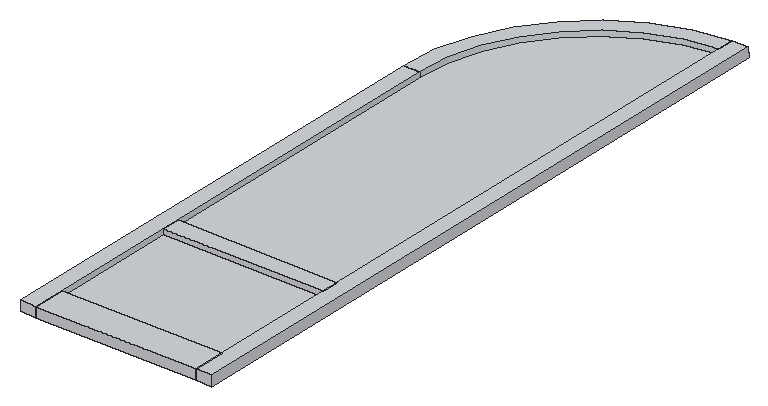
Revit family "Arch Drop Panel", category Generic Models, Revit 2017
Family settings
  Can host rebar = No
  Round Connector Dimension = Use Diameter
  Part Type = Normal
  Work Plane-Based = Yes
  Always vertical = No
  Cut with Voids When Loaded = Yes
  Shared = Yes
  Room Calculation Point = No
Parameters
  URL = "www.newhorizonshutters.com"
  Type Comments = "****All shutter dimensions and configurations to be approved by NHSI****"
  Spring Line Radius = Spring Line Dim  # 2' - 0"
  Spring Line Dim = Shutter Width  # 2' - 0"
  Shutter Width = 2' - 0"
  Shutter Thickness = 0' - 1 1/4"
  Shutter Height = 7' - 0"
  Model = "Classic Drop Panel"
  Mid Rail Height = 1' - 9"
  Mid Rail = 0' - 2 1/4"
  Manufacturer = "New Horizon Shutters"
  Louver Section 2 = Shutter Height - Mid Rail Height - (Mid Rail * 0.5) - 0' 3 3/4"  # 4' - 10 1/8"
  Louver Section 1 = Mid Rail Height - Bottom Rail - (Mid Rail * 0.5) - 0' 1 3/4"  # 1' - 2 1/8"
  Louver Length = Shutter Width - 0' 4"  # 1' - 8"
  Finish Color = none
  Default Elevation = 4' - 0"
  Bottom Rail = 0' - 4"
Reference planes (in)
  plane 1 "Center (Front/Back)": y = 0
  plane 2: z = 0
  plane 3 "Center (Left/Right)": x = 0
  plane 4: x = -12
  plane 5: x = 12
  plane 6: y = 84
  plane 7: y = 60
  plane 8: x = 10
  plane 9: z = 0.625
  plane 10: z = 1.25
  plane 11: x = -10
  plane 12: y = 4
  plane 13: y = 21
  plane 14: y = 22.125
  plane 15: y = 19.875
Forms (in)
  Extrusion 1, solid, material <- "Finish Color"
    sketch origin (0, 0, 0) x (1, 0, 0) y (0, 1, 0)
      loop
        arc (10, 83.91652) -> (-5.66352, 76.24808) -> (-12, 60) r 24
        line (-12, 60) -> (-10, 60)
        arc (-10, 60) -> (-4.24808, 74.8324) -> (10, 81.9089) r 22
        line (10, 81.9089) -> (10, 83.91652)
    from 0 to 1.25
  Extrusion 2, solid, material <- "Finish Color"
    sketch origin (0, 0, 0) x (1, 0, 0) y (0, 1, 0)
      loop
        line (-12, 60) -> (-12, 0) -> (-10, 0) -> (-10, 60) -> (-12, 60)
      loop
        line (12, 0) -> (12, 84)
        arc (12, 84) -> (10.99913, 83.97912) -> (10, 83.91652) r 24
        line (10, 83.91652) -> (10, 0) -> (12, 0)
    from 0 to 1.25
  Extrusion 3, solid, material <- "Finish Color"
    sketch origin (0, 0, 0) x (1, 0, 0) y (0, 1, 0)
      loop
        line (-10, 0) -> (10, 0) -> (10, 4) -> (-10, 4) -> (-10, 0)
    from 0 to 1.25
  Extrusion 4, solid, material <- "Finish Color"
    sketch origin (0, 0, 0) x (1, 0, 0) y (0, 1, 0)
      loop
        line (-10, 19.875) -> (10, 19.875) -> (10, 22.125) -> (-10, 22.125) -> (-10, 19.875)
    from 0 to 1.25
  Extrusion 5, solid, material <- "Finish Color"
    sketch origin (0, 0, 0) x (1, 0, 0) y (0, 1, 0)
      loop
        line (-10, 4) -> (10, 4) -> (10, 19.875) -> (-10, 19.875) -> (-10, 4)
    from 0 to 0.625
  Extrusion 6, solid, material <- "Finish Color"
    sketch origin (0, 0, 0) x (1, 0, 0) y (0, 1, 0)
      loop
        line (-10, 22.125) -> (10, 22.125) -> (10, 81.9089)
        arc (10, 81.9089) -> (-4.24808, 74.8324) -> (-10, 60) r 22
        line (-10, 60) -> (-10, 22.125)
    from 0 to 0.625
Dimensions and locks (in)
  equal spacing: plane 4, plane 3 "Center (Left/Right)", plane 5
  "Shutter Width": plane 4 to plane 5
  "Shutter Height": plane 1 "Center (Front/Back)" to plane 6
  "Spring Line Dim": plane 6 to plane 7
  locked: plane 8 to plane 5 at 2
  equal spacing: plane 10, plane 9, level
  "Shutter Thickness": plane 10 to level
  locked: plane 4 to plane 11 at 2
  "Mid Rail Height": plane 1 "Center (Front/Back)" to plane 13
  equal spacing: plane 14, plane 13, plane 15
  "Mid Rail": plane 14 to plane 15
  "Bottom Rail": plane 1 "Center (Front/Back)" to plane 12
  "Spring Line Radius": radius of Extrusion 1
  "Spring Line Radius": radius of Extrusion 2
  aligned and locked: plane 2 to level
  aligned and locked: Extrusion 1 sketch curve to plane 7
  aligned and locked: Extrusion 1 sketch curve to plane 8
  aligned and locked: Extrusion 1 to level
  aligned and locked: plane 10 to Extrusion 1
  aligned and locked: Extrusion 2 sketch curve to Extrusion 1  (x2)
  aligned and locked: Extrusion 2 sketch curve to plane 1 "Center (Front/Back)"  (x2)
  aligned and locked: Extrusion 2 sketch curve to plane 11
  aligned and locked: Extrusion 2 sketch curve to plane 5
  aligned and locked: plane 8 to Extrusion 2 sketch curve
  aligned and locked: Extrusion 2 to level
  aligned and locked: Extrusion 2 to Extrusion 1
  aligned and locked: Extrusion 2 to Extrusion 3 sketch curve
  aligned and locked: Extrusion 3 sketch curve to Extrusion 2
  aligned and locked: plane 12 to Extrusion 3 sketch curve
  aligned and locked: plane 8 to Extrusion 3 sketch curve
  aligned and locked: Extrusion 4 sketch curve to plane 15
  aligned and locked: Extrusion 4 sketch curve to plane 11
  aligned and locked: plane 14 to Extrusion 4 sketch curve
  aligned and locked: plane 8 to Extrusion 4 sketch curve
  aligned and locked: Extrusion 3 to level
  aligned and locked: Extrusion 1 to Extrusion 3
  aligned and locked: Extrusion 4 to level
  aligned and locked: Extrusion 1 to Extrusion 4
  aligned and locked: Extrusion 5 sketch curve to Extrusion 3  (x2)
  aligned and locked: Extrusion 5 sketch curve to Extrusion 4  (x2)
  aligned and locked: Extrusion 5 to level
  aligned and locked: plane 9 to Extrusion 5
  aligned and locked: Extrusion 6 sketch curve to Extrusion 4  (x2)
  aligned and locked: Extrusion 6 sketch curve to Extrusion 1
  aligned and locked: Extrusion 6 to level
  aligned and locked: plane 9 to Extrusion 6
Automatic sketch dimensions
  Extrusion 1 sketch curve to Extrusion 1 sketch curve = 0' - 0"
  Extrusion 1 sketch curve to plane 5 = 0' - 0"
  plane 4 to Extrusion 1 sketch curve = 0' - 2"
  Extrusion 1 sketch curve to plane 4 = 0' - 0"
  Extrusion 2 sketch curve to plane 7 = 0' - 0"
  Extrusion 2 sketch curve to plane 6 = 0' - 0"
  Extrusion 6 sketch curve to plane 7 = 0' - 0"
  Extrusion 6 sketch curve to plane 5 = 0' - 0"
